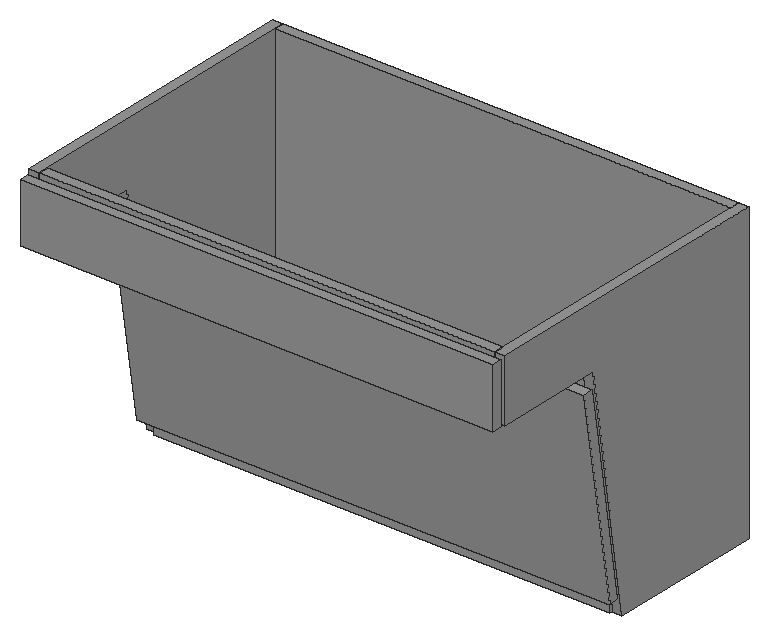
Revit family "TMI - B2545 - Base_ADA Sink1", category Casework, Revit 2016
Family settings
  OmniClass Number = 23.40.35.14.11
  OmniClass Title = Modular Casework
  Work Plane-Based = No
  Always vertical = Yes
  Cut with Voids When Loaded = No
  Shared = No
  Room Calculation Point = No
Parameters (values of type "36" x 34" x 24"")
  URL = "www.tmisystems.com"
  Model = "B2545"
  Manufacturer = "TMI Systems Corporation"
  Filler Width (Left) [instance] = 3"
  Filler Right [instance] = no
  Filler Left [instance] = no
  Filler Width (Right) [instance] = 3"
  Fixed Front Panel = 4 1/2"
  Door Thickness = 3/4"
  Distance of Door from Top of Casework = 1/4"
  Description = "Base, ADA Sink"
  Depth = 24"
  Height = Countertop Height - Countertop Thickness  # 32 3/4"
  Width = 36"
  Countertop Thickness = 1 1/4"
  Countertop Height = 34"
  Casework Thickness = 3/4"
  Casework Back Thickness = 3/4"
  Cabinet Finish = Plastic Laminate
  Assembly Code = ""
Types (7): name | Fixed Front Panel | Width
  33" x 34" x 24" | 4 1/4" | 33"
  30" x 34" x 24" | 4 1/2" | 30"
  36" x 34" x 24" | 4 1/2" | 36"
  42" x 34" x 24" | 4 1/2" | 42"
  39" x 34" x 24" | 4 1/2" | 39"
  45" x 34" x 24" | 4 1/2" | 45"
  48" x 34" x 24" | 4 1/2" | 48"
Reference planes (in)
  plane 1 "Back": y = 0
  plane 2: z = 0
  plane 3 "Center (Left/Right)": x = 0.7377
  plane 4 "Left": x = -17.2623
  plane 5 "Right": x = 18.7377
  plane 6 "Front": y = -24
  plane 7 "Top": z = 32.75
  plane 8: x = -16.5123
  plane 9: y = -23.25
  plane 10: x = 17.9877
  plane 11: z = 32
  plane 12: y = -23
  plane 13: z = 32.5
  plane 14: x = 18.6127
  plane 15: x = -17.1373
  plane 16: x = -20.2623
  plane 17: x = 21.7377
  plane 18: y = -0.75
  plane 19: z = 28
  plane 20: z = 11
  plane 21: y = -12.125
  plane 22: y = -15.625
  plane 23: y = -22.25
  plane 24: z = 26.75
  plane 25: z = 10.25
  plane 26: y = -13
  plane 27: through (0, -15.625, 28) normal (0, -0.9876, -0.1571)
  plane 28: through (0, -14.875, 28) normal (0, -0.9876, -0.1571)
  plane 29: through (0, -14.74977, 28) normal (0, -0.9876, -0.1571)
  plane 30: through (0, -12.25, 11.5) normal (0, -0.1571, 0.9876)
  plane 31: through (0, -14.875, 28) normal (0, -0.1571, 0.9876)
Forms (in)
  Extrusion 1, solid, material "Plastic Laminate" <- "Cabinet Finish"
    sketch origin (0.05747, 11.94613, 0) x (1, 0, 0) y (0, 0, 1)
      loop
        line (-16.56976, 11) -> (-16.56976, 10.25) -> (17.93024, 10.25) -> (17.93024, 11) -> (-16.56976, 11)
    from 11.94613 to 24.07113
  Extrusion 2, solid, material "Plastic Laminate" <- "Cabinet Finish"
    sketch origin (0, -24, 0) x (1, 0, 0) y (0, 0, 1)
      loop
        line (-17.1373, 32.5) -> (-17.1373, 28) -> (18.6127, 28) -> (18.6127, 32.5) -> (-17.1373, 32.5)
    from -0.75 to 0
  Extrusion 3, solid, material "Plastic Laminate" <- "Cabinet Finish"
    sketch origin (-17.2623, 0, 0) x (0, -1, 0) y (0, 0, 1)
      loop
        line (22.25, 32.75) -> (22.25, 28) -> (23, 28) -> (23, 32.75) -> (22.25, 32.75)
    from -35.25 to -0.75
  Extrusion 4, solid, material "Plastic Laminate" <- "Cabinet Finish"
    sketch origin (-17.2623, 0, 0) x (0, -1, 0) y (0, 0, 1)
      loop
        line (0.75, 32.75) -> (0, 32.75) -> (0, 11) -> (0.75, 11) -> (0.75, 32.75)
    from -35.25 to -0.75
  Extrusion 5, solid, material "Plastic Laminate" <- "Cabinet Finish"
    sketch origin (-17.2623, 0, 0) x (0, -1, 0) y (0, 0, 1)
      loop
        line (0, 32.75) -> (0, 10.25) -> (11.9259, 10.25) -> (14.74977, 28) -> (23, 28) -> (23, 32.75) -> (0, 32.75)
    from -0.75 to 0
  Extrusion 6, solid, material "Plastic Laminate" <- "Cabinet Finish"
    sketch origin (-17.2623, 0, 0) x (0, -1, 0) y (0, 0, 1)
      loop
        line (0, 32.75) -> (0, 10.25) -> (11.9259, 10.25) -> (14.74977, 28) -> (23, 28) -> (23, 32.75) -> (0, 32.75)
    from -36 to -35.25
  Extrusion 7, solid, material "Plastic Laminate" <- "Cabinet Finish"
    sketch origin (-17.2623, 0, 0) x (0, -1, 0) y (0, 0, 1)
      loop
        line (14.67614, 26.75) -> (12.25, 11.5) -> (12.98149, 11.38363) -> (15.40762, 26.63363) -> (14.67614, 26.75)
    from -35.875 to -0.125
  Extrusion 8, solid, material "Plastic Laminate" <- "Cabinet Finish", visible <- "Filler Left"
    sketch origin (-17.2623, 0, 0) x (0, -1, 0) y (0, 0, 1)
      loop
        line (0, 32.75) -> (0, 10.25) -> (11.9259, 10.25) -> (14.74977, 28) -> (23, 28) -> (23, 32.75) -> (0, 32.75)
    from 0 to 3
  Extrusion 9, solid, material "Plastic Laminate" <- "Cabinet Finish", visible <- "Filler Right"
    sketch origin (-17.2623, 0, 0) x (0, -1, 0) y (0, 0, 1)
      loop
        line (0, 32.75) -> (0, 10.25) -> (11.9259, 10.25) -> (14.74977, 28) -> (23, 28) -> (23, 32.75) -> (0, 32.75)
    from -39 to -36
Lines and regions (in)
  Masking region 1
    outline origin (0, 0, 0) x (1, 0, 0) y (0, 1, 0)
      loop
        line (-17.2623, 0) -> (-17.2623, -24) -> (18.7377, -24) -> (18.7377, 0) -> (-17.2623, 0)
  Masking region 2, visible <- "Filler Left"
    outline origin (0, 0, 0) x (1, 0, 0) y (0, 1, 0)
      loop
        line (-20.2623, 0) -> (-20.2623, -23) -> (-17.2623, -23) -> (-17.2623, 0) -> (-20.2623, 0)
  Masking region 3, visible <- "Filler Right"
    outline origin (0, 0, 0) x (1, 0, 0) y (0, 1, 0)
      loop
        line (18.7377, 0) -> (18.7377, -23) -> (21.7377, -23) -> (21.7377, 0) -> (18.7377, 0)
  symbolic lines, style "CaseworkHiddenLines"
    curve 1: line (5.2377, -24, 0) -> (-3.7623, -24, 0)
Dimensions and locks (in)
  "Width": plane 4 "Left" to plane 5 "Right"
  equal spacing: plane 4 "Left", plane 3 "Center (Left/Right)", plane 5 "Right"
  "Casework Thickness": plane 4 "Left" to plane 8
  "Casework Thickness": plane 10 to plane 5 "Right"
  "Casework Thickness": plane 7 "Top" to plane 11
  locked: plane 4 "Left" to plane 15 at 0.125
  locked: plane 5 "Right" to plane 14 at 0.125
  "Distance of Door from Top of Casework": plane 7 "Top" to plane 13
  "Door Thickness": plane 6 "Front" to plane 9
  locked: plane 12 to plane 9 at 0.25
  "Filler Width (Right)": plane 5 "Right" to plane 17
  "Filler Width (Left)": plane 16 to plane 4 "Left"
  "Depth": plane 6 "Front" to plane 1 "Back"
  "Casework Back Thickness": plane 18 to plane 1 "Back"
  "Height": plane 7 "Top" to level
  "Fixed Front Panel": plane 13 to plane 19
  locked: plane 22 to plane 6 "Front" at 8.375
  "Casework Thickness": plane 23 to plane 12
  locked: plane 7 "Top" to plane 24 at 6
  "Casework Thickness": plane 25 to plane 20
  plane 25 to plane 7 "Top" = 22 1/2"
  plane 26 to plane 6 "Front" = 11"
  locked: plane 21 to plane 22 at 3.5
  aligned and locked: plane 2 to level
  aligned and locked: plane 20 to Extrusion 1
  aligned and locked: Extrusion 2 sketch curve to plane 15
  aligned and locked: Extrusion 2 sketch curve to plane 14
  aligned and locked: Extrusion 2 sketch curve to plane 13
  aligned and locked: plane 9 to Extrusion 2
  aligned and locked: plane 6 "Front" to Extrusion 2
  aligned and locked: plane 1 "Back" to Masking region 1 sketch curve
  aligned and locked: Masking region 1 sketch curve to plane 4 "Left"
  aligned and locked: plane 5 "Right" to Masking region 1 sketch curve
  aligned and locked: Masking region 1 sketch curve to plane 6 "Front"
  aligned and locked: plane 4 "Left" to Masking region 2 sketch curve
  aligned and locked: plane 1 "Back" to Masking region 2 sketch curve
  aligned and locked: plane 16 to Masking region 2 sketch curve
  aligned and locked: plane 12 to Masking region 2 sketch curve
  aligned and locked: plane 1 "Back" to Masking region 3 sketch curve
  aligned and locked: Masking region 3 sketch curve to plane 5 "Right"
  aligned and locked: Masking region 3 sketch curve to plane 17
  aligned and locked: plane 12 to Masking region 3 sketch curve
  aligned and locked: Extrusion 1 to plane 21
  aligned and locked: plane 12 to Extrusion 3 sketch curve
  aligned and locked: plane 7 "Top" to Extrusion 3 sketch curve
  aligned and locked: plane 23 to Extrusion 3 sketch curve
  aligned and locked: plane 19 to Extrusion 3 sketch curve
  aligned and locked: Extrusion 4 sketch curve to plane 18
  aligned and locked: Extrusion 4 sketch curve to plane 1 "Back"
  aligned and locked: Extrusion 4 sketch curve to plane 20
  aligned and locked: Extrusion 4 sketch curve to plane 7 "Top"
  aligned and locked: Extrusion 4 to plane 10
  aligned and locked: Extrusion 4 to plane 8
  aligned and locked: Extrusion 5 sketch curve to plane 7 "Top"
  aligned and locked: Extrusion 5 sketch curve to plane 1 "Back"
  aligned and locked: Extrusion 5 sketch curve to plane 12
  aligned and locked: Extrusion 5 sketch curve to plane 19
  aligned and locked: Extrusion 5 sketch curve to Extrusion 1
  aligned and locked: Extrusion 1 to plane 8
  aligned and locked: Extrusion 1 to plane 10
  aligned and locked: plane 8 to Extrusion 5
  aligned and locked: plane 4 "Left" to Extrusion 5
  aligned and locked: Extrusion 3 to plane 8
  aligned and locked: Extrusion 3 to plane 10
  aligned and locked: Extrusion 6 sketch curve to plane 7 "Top"
  aligned and locked: Extrusion 6 sketch curve to plane 1 "Back"
  aligned and locked: Extrusion 6 sketch curve to plane 19
  aligned and locked: Extrusion 6 sketch curve to plane 12
  aligned and locked: plane 25 to Extrusion 6 sketch curve
  aligned and locked: plane 10 to Extrusion 6
  aligned and locked: Extrusion 6 to plane 5 "Right"
  aligned and locked: plane 14 to Extrusion 7
  aligned and locked: plane 15 to Extrusion 7
  aligned and locked: Extrusion 5 sketch curve to plane 29
  aligned and locked: Extrusion 6 sketch curve to plane 29
  aligned and locked: plane 7 "Top" to Extrusion 8 sketch curve
  aligned and locked: plane 1 "Back" to Extrusion 8 sketch curve
  aligned and locked: plane 12 to Extrusion 8 sketch curve
  aligned and locked: plane 19 to Extrusion 8 sketch curve
  aligned and locked: Extrusion 8 sketch curve to plane 29
  aligned and locked: Extrusion 8 sketch curve to plane 25
  aligned and locked: Extrusion 8 to plane 4 "Left"
  aligned and locked: Extrusion 8 to plane 16
  aligned and locked: Extrusion 9 sketch curve to plane 7 "Top"
  aligned and locked: Extrusion 9 sketch curve to plane 1 "Back"
  aligned and locked: plane 25 to Extrusion 9 sketch curve
  aligned and locked: Extrusion 9 sketch curve to plane 19
  aligned and locked: Extrusion 9 sketch curve to plane 12
  aligned and locked: Extrusion 9 sketch curve to plane 29
  aligned and locked: plane 5 "Right" to Extrusion 9
  aligned and locked: plane 17 to Extrusion 9
  aligned and locked: Extrusion 1 to plane 1 "Back"
Automatic sketch dimensions
  Extrusion 1 sketch curve to plane 8 = 0"
  Extrusion 1 sketch curve to plane 10 = 0"
  Extrusion 1 sketch curve to plane 20 = 0"
  Extrusion 2 sketch curve to plane 19 = 0"
  curve 1 to level = 0"
  plane 3 "Center (Left/Right)" to curve 1 = 4 1/2"
  curve 1 to plane 3 "Center (Left/Right)" = 4 1/2"
  Extrusion 1 sketch curve to plane 20 = 3/4"
  plane 28 to Extrusion 7 sketch curve = 0"  (x2)
  plane 27 to Extrusion 7 sketch curve = 0"
  Extrusion 7 sketch curve to plane 30 = 0"
  Extrusion 7 sketch curve to plane 24 = 0"
